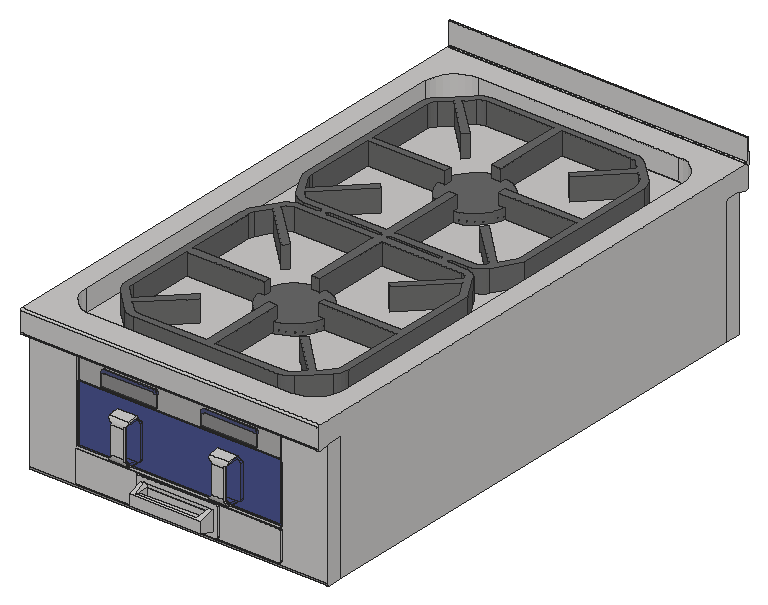
Revit family "QF_ELECTROLUXPROFESSIONAL_589080_MCGDABEOPI", category Specialty Equipment, Revit 2018
Family settings
  Round Connector Dimension = Use Diameter
  Part Type = Normal
  Work Plane-Based = No
  Always vertical = Yes
  Cut with Voids When Loaded = No
  Shared = No
  Room Calculation Point = No
Parameters
  Weight in Pounds = 90.38
  Watts = 0 W
  URL Cutsheet = ""
  Type Mark [instance] = ""
  Status [instance] = ""
  Specification by User [instance] = ""
  Specification by Manufacturer = ""
  Show Clearance [instance] = yes
  Serial Number = ""
  Seismic Rating = ""
  SMACNA No = ""
  Revision Code [instance] = ""
  Omniclass Number and Title = ""
  NAFEM Spec ID Number = ""
  Model = "589080"
  Mechanical Remarks [instance] = ""
  Mechanical Connection Type [instance] = ""
  Masterspec = ""
  Manufacturer = "ELECTROLUX"
  Item Number [instance] = ""
  Installed By [instance] = ""
  Identify Quantity as Lot [instance] = yes
  HP = "0 HP"
  Gas Size = 1/2"
  Gas RI Height [instance] = 0 mm
  Gas KW = 20
  Gas Input = 68180.0 Btu/h
  Gas Connection Height [instance] = 0 mm
  Furnished By [instance] = ""
  Foodservice Equipment Identifier [instance] = yes
  Direct Waste Size = 0"
  Description = "GAS TOP,2 BURN,ECO,1-S,BSPL,500X900X250H"
  CSI MasterFormat = ""
  CSI Master Format = ""
  Back Panel [instance] = yes
Reference planes
  plane 1 "BACK": y = 0
  plane 2: z = 0
  plane 3 "LEFT": x = 0
  plane 4 "RIGHT": x = 500
  plane 5 "FRONT": y = -900
  plane 6 "TOP": z = 250
  plane 7: x = 250
  plane 8: y = -450
  plane 9: z = 370
  plane 10: x = 465
  plane 11: y = -60.425
  plane 12: y = -1330
Forms (mm)
  Extrusion 1, solid, material "QF_Finishes_Stainless Steel"
    sketch origin (0, -487.128, 0) x (0, 1, 0) y (0, 0, 1)
      loop
        line (483.128, 250) -> (-408.872, 250)
        arc (-408.872, 250) -> (-411.7, 248.828) -> (-412.872, 246) r 4
        line (-412.872, 246) -> (-412.872, 214)
        arc (-412.872, 214) -> (-411.437, 210.931) -> (-408.161, 210.064) r 4
        line (-408.161, 210.064) -> (-392.872, 213) -> (-367.872, 213) -> (-367.872, 0) -> (441.714, 0) -> (441.714, 213) -> (465.765, 213) -> (482.433, 210.061)
        arc (482.433, 210.061) -> (485.699, 210.936) -> (487.128, 214) r 4
        line (487.128, 214) -> (487.128, 246)
        arc (487.128, 246) -> (485.956, 248.828) -> (483.128, 250) r 4
    from 0 to 500
  Extrusion 2, solid, material "QF_Finishes_Stainless Steel", visible <- "Back Panel"
    sketch origin (0, 0.586, 0) x (0, 1, 0) y (0, 0, 1)
      loop
        line (-46, 0) -> (-21, 0) -> (-21, 212.833) -> (-21.949, 213) -> (-46, 213) -> (-46, 0)
    from 0 to 500
  Extrusion 3, void
    sketch origin (653.786, 44.048, 250) x (1, 0, 0) y (0, -1, 0)
      loop
        line (-570.234, 89.462) -> (-235.321, 89.462)
        arc (-235.321, 89.462) -> (-200.694, 103.805) -> (-186.351, 138.432) r 48.97
        line (-186.351, 138.432) -> (-186.351, 850.078)
        arc (-186.351, 850.078) -> (-200.694, 884.705) -> (-235.321, 899.048) r 48.97
        line (-235.321, 899.048) -> (-570.234, 899.048)
        arc (-570.234, 899.048) -> (-605.59, 884.403) -> (-620.234, 849.048) r 50
        line (-620.234, 849.048) -> (-620.234, 139.462)
        arc (-620.234, 139.462) -> (-605.59, 104.107) -> (-570.234, 89.462) r 50
    from 0 to 37
  Extrusion 4, solid, material "QF_Finishes_Stainless Steel"
    sketch origin (10, -759, 0) x (1, 0, 0) y (0, -1, 0)
      loop
        circle (455, -169) r 6.35
    from 0 to 3.2
  Extrusion 5, solid, material "QF_Door-Drawer Clearances", visible <- "Show Clearance", detail levels coarse
    sketch origin (-178.969, -4572, 0) x (-1, 0, 0) y (0, -1, 0)
      loop
        line (-257.364, -3689.407) -> (-257.364, -3242) -> (-601.364, -3242) -> (-601.364, -3689.407) -> (-257.364, -3689.407)
    from 8.012 to 59.392
  Extrusion 6, solid, material "QF_Finishes_Stainless Steel"
    sketch origin (0, -950.048, 0) x (0, -1, 0) y (0, 0, -1)
      loop
        arc (-948.097, -252.006) -> (-947.511, -250.592) -> (-946.097, -250.006) r 2
        arc (-946.097, -250.006) -> (-948.877, -248.828) -> (-950.048, -246) r 4
        line (-950.048, -246) -> (-950.048, -288.006) -> (-948.097, -288.006) -> (-948.097, -252.006)
    from 0 to 500
Cuts and joins
  Extrusion 3 cuts Extrusion 1
Lines and regions (mm)
  symbolic lines
    curve 1: line (0, 0, 0) -> (500, 0, 0)
    curve 2: line (0, -900, 0) -> (0, 0, 0)
    curve 3: line (500, -900, 0) -> (0, -900, 0)
    curve 4: line (500, 0, 0) -> (500, -900, 0)
    curve 5: arc (83.552, -855, 0) -> (48.197, -840.355, 0) -> (33.552, -805, 0) r 50
    curve 6: line (33.552, -805, 0) -> (33.552, -95.414, 0)
    curve 7: arc (33.552, -95.414, 0) -> (48.197, -60.059, 0) -> (83.552, -45.414, 0) r 50
    curve 8: line (83.552, -45.414, 0) -> (418.465, -45.414, 0)
    curve 9: arc (418.465, -45.414, 0) -> (453.092, -59.757, 0) -> (467.435, -94.384, 0) r 48.97
    curve 10: line (467.435, -94.384, 0) -> (467.435, -806.03, 0)
    curve 11: arc (467.435, -806.03, 0) -> (453.092, -840.657, 0) -> (418.465, -855, 0) r 48.97
    curve 12: line (418.465, -855, 0) -> (83.552, -855, 0)
  symbolic lines, style "QF_Door-Drawer Clearances"
    curve 13: line (78.395, -900, 0) -> (78.395, -1330, 0)
    curve 14: line (78.395, -1330, 0) -> (422.395, -1330, 0)
    curve 15: line (422.395, -1330, 0) -> (422.395, -900, 0)
Dimensions and locks
  plane 3 "LEFT" to plane 4 "RIGHT" = 500 mm
  plane 5 "FRONT" to plane 1 "BACK" = 900 mm
  equal spacing: plane 3 "LEFT", plane 7, plane 4 "RIGHT"
  equal spacing: plane 5 "FRONT", plane 8, plane 1 "BACK"
  plane 6 "TOP" to level = 250 mm  (x2)
  plane 1 "BACK" to plane 5 "FRONT" = 900 mm
  Extrusion 4 sketch curve to plane 1 "BACK" = 590 mm
  Extrusion 4 sketch curve to plane 4 "RIGHT" = 35 mm
  plane 1 "BACK" to Extrusion 4 = 590 mm
  plane 10 to plane 4 "RIGHT" = 35 mm
  plane 5 "FRONT" to plane 12 = 430 mm
  aligned and locked: level to plane 2
  aligned and locked: plane 7 to nested 1
  aligned and locked: Extrusion 1 to plane 4 "RIGHT"
Automatic sketch dimensions
  Extrusion 1 sketch curve to plane 5 "FRONT" = 0 mm
  Extrusion 1 sketch curve to plane 6 "TOP" = 0 mm
  Extrusion 1 sketch curve to level = 0 mm
  Extrusion 1 sketch curve to plane 1 "BACK" = 0 mm
  Extrusion 1 sketch curve to plane 6 "TOP" = 37 mm  (x2)
  Extrusion 1 sketch curve to plane 5 "FRONT" = 4 mm
  Extrusion 1 sketch curve to plane 5 "FRONT" = 20 mm
  Extrusion 1 sketch curve to plane 5 "FRONT" = 45 mm
  plane 1 "BACK" to Extrusion 1 sketch curve = 21.363 mm
  plane 1 "BACK" to Extrusion 1 sketch curve = 4 mm  (x2)
  Extrusion 1 sketch curve to Extrusion 1 sketch curve = 4 mm
  Extrusion 1 sketch curve to Extrusion 1 sketch curve = 0.711 mm
  plane 1 "BACK" to Extrusion 1 sketch curve = 4.695 mm
  Extrusion 1 sketch curve to Extrusion 1 sketch curve = 0 mm  (x2)
  Extrusion 1 sketch curve to Extrusion 1 sketch curve = 1 mm  (x2)
  plane 1 "BACK" to Extrusion 1 sketch curve = 45.414 mm
  plane 1 "BACK" to curve 1 = 0 mm
  curve 1 to plane 4 "RIGHT" = 0 mm
  curve 2 to plane 3 "LEFT" = 0 mm
  plane 5 "FRONT" to curve 2 = 0 mm
  Extrusion 3 sketch curve to Extrusion 3 sketch curve = 50 mm  (x2)
  Extrusion 1 to Extrusion 3 sketch curve = 81.535 mm  (x2)
  Extrusion 1 to Extrusion 3 sketch curve = 41 mm
  Extrusion 1 to Extrusion 3 sketch curve = 32.565 mm
  Extrusion 1 to Extrusion 3 sketch curve = 33.552 mm
  Extrusion 1 to Extrusion 3 sketch curve = 91.414 mm
  Extrusion 2 sketch curve to level = 0 mm
  plane 11 to Extrusion 2 sketch curve = 15.012 mm
  Extrusion 2 sketch curve to plane 6 "TOP" = 37.167 mm
  Extrusion 2 sketch curve to Extrusion 2 sketch curve = 0.949 mm
  plane 1 "BACK" to Extrusion 2 sketch curve = 20.414 mm
  Extrusion 2 sketch curve to plane 6 "TOP" = 37 mm
  curve 10 to plane 10 = 2.435 mm
  plane 11 to curve 8 = 15.012 mm
  plane 10 to curve 8 = 46.535 mm
  plane 3 "LEFT" to curve 8 = 83.552 mm
  plane 3 "LEFT" to curve 6 = 33.552 mm
  curve 6 to plane 5 "FRONT" = 95 mm
  plane 10 to curve 12 = 46.535 mm
  curve 10 to plane 5 "FRONT" = 93.97 mm
  Extrusion 5 sketch curve to plane 5 "FRONT" = 17.407 mm
  plane 7 to Extrusion 5 sketch curve = 172.395 mm
  plane 3 "LEFT" to Extrusion 5 sketch curve = 78.395 mm
  plane 5 "FRONT" to Extrusion 5 sketch curve = 430 mm
  curve 13 to plane 12 = 0 mm
  plane 3 "LEFT" to curve 13 = 78.395 mm
  plane 10 to curve 14 = 42.605 mm
  curve 13 to plane 5 "FRONT" = 0 mm
  curve 15 to plane 5 "FRONT" = 0 mm
  Extrusion 6 sketch curve to plane 1 "BACK" = 0 mm  (x2)
  Extrusion 6 sketch curve to plane 6 "TOP" = 2.006 mm
  Extrusion 6 sketch curve to plane 6 "TOP" = 0 mm
  Extrusion 6 sketch curve to Extrusion 6 sketch curve = 1.951 mm
  Extrusion 6 sketch curve to Extrusion 6 sketch curve = 2 mm
  Extrusion 6 sketch curve to Extrusion 6 sketch curve = 0.049 mm
  Extrusion 6 sketch curve to Extrusion 6 sketch curve = 36 mm
  Extrusion 6 sketch curve to Extrusion 6 sketch curve = 0 mm
  radius of Extrusion 4 sketch curve = 6.35 mm
Nested families
  nested 1: "EG_900_500_Double Range Control Handle Front Panel" at (202.376, -855, -650), type "EG_900_500_Double Range Control Handle Front Panel"
  nested 2: "OBT_900_Open Burner" at (250, -450.207, -649.319), type "OBT_900_Open Burner"
Connectors
  piping at (465, -590, -3.2), diameter 12.8
    settings: on Extrusion 4, index 1, connector inside diameter 0.50394", connector length 0 mm, flow factor 0, pipe flow 0 GPM, pressure drop 0.00 psi, fitting loss kfactor 0, connector angle 0.00°, fixture units 0, engagement length 0 mm, angle of deflection 0.00°, flow configuration 1, flow direction 1, fitting loss method 0, system type 7, joint type 0, gender type 0, connector reference index -1, connector utility 0, adjustable connector no, is connector primary yes, connector description "GAS CONNECTION"
Definition of nested family "EG_900_500_Double Range Control Handle Front Panel"
  Reference planes
    plane 1 "Center (Front/Back)": y = 0
    plane 2: z = 0
    plane 3 "Center (Left/Right)": x = 47.624
    plane 4: x = -202.376
    plane 5: x = 297.624
    plane 6: y = -45
  Forms (mm)
    Extrusion 1, solid
      sketch origin (833.217, 829.203, -1.25) x (0, 1, 0) y (0, 0, 1)
        loop
          arc (-854.203, 654.25) -> (-853.324, 652.129) -> (-851.203, 651.25) r 3
          line (-851.203, 651.25) -> (-829.203, 651.25) -> (-829.203, 864.25) -> (-854.203, 864.25) -> (-854.203, 654.25)
      from -1035.593 to -535.593
    Extrusion 2, void
      sketch origin (33.217, 829.203, -1.25) x (1, 0, 0) y (0, 0, 1)
        loop
          line (-157.593, 855.116) -> (-157.593, 713.116) -> (186.407, 713.116) -> (186.407, 855.116) -> (-157.593, 855.116)
      from 848.59 to 854.203
  Cuts and joins
    Extrusion 2 cuts Extrusion 1
  Dimensions and locks
    equal spacing: plane 5, plane 3 "Center (Left/Right)", plane 4
    plane 5 to plane 4 = 500 mm
    equal spacing: nested 3, nested 2, nested 1
    aligned and locked: cut or joined group of Extrusion 1, Extrusion 2 to plane 4
    aligned and locked: plane 5 to cut or joined group of Extrusion 1, Extrusion 2
    aligned and locked: plane 3 "Center (Left/Right)" to nested 2
    aligned and locked: cut or joined group of Extrusion 1, Extrusion 2 to nested 2
  Automatic sketch dimensions
    Extrusion 1 sketch curve to plane 1 "Center (Front/Back)" = 0 mm
    plane 1 "Center (Front/Back)" to Extrusion 1 sketch curve = 22 mm
    Extrusion 1 sketch curve to Extrusion 1 sketch curve = 3 mm
    level to Extrusion 1 sketch curve = 650 mm
    Extrusion 1 sketch curve to Extrusion 1 sketch curve = 210 mm
    plane 4 to Extrusion 2 sketch curve = 78 mm
    Extrusion 2 sketch curve to plane 5 = 78 mm
    level to Extrusion 2 sketch curve = 711.866 mm
    Extrusion 2 sketch curve to Extrusion 2 sketch curve = 142 mm
  Nested families
    nested 1: "Range Control Handle" at (-36.126, -28.137, -209.113) x (-1, 0, 0) z (0, 0, 1), type "Range Control Handle"
    nested 2: "glass conrol panel" at (47.624, 280.644, 2.752), type "glass conrol panel"
    nested 3: "Range Control Handle" at (131.374, -28.137, -209.113), type "Range Control Handle"
    nested 4: "grease trap door" at (-19.975, -25, 0), type "grease trap door"
  Definition of nested family "Range Control Handle"
    Reference planes
      plane 1 "Center (Front/Back)": y = 0
      plane 2: z = 0
      plane 3 "Center (Left/Right)": x = 0
      plane 4: z = 971.092
      plane 5: y = -16.9
    Forms (mm)
      Extrusion 1, solid
        sketch origin (-746.28, 380.497, 208.931) x (-1, 0, 0) y (0, 0, 1)
          loop
            line (-770.101, 786.798) -> (-770.101, 731.649)
            arc (-770.101, 731.649) -> (-769.759, 730.563) -> (-768.855, 729.87) r 1.893
            line (-768.855, 729.87) -> (-763.474, 727.911) -> (-729.81, 727.911) -> (-724.428, 729.87)
            arc (-724.428, 729.87) -> (-723.525, 730.563) -> (-723.183, 731.649) r 1.893
            line (-723.183, 731.649) -> (-723.183, 786.798)
            arc (-723.183, 786.798) -> (-723.529, 787.894) -> (-724.44, 788.593) r 1.91
            line (-724.44, 788.593) -> (-729.683, 790.819) -> (-763.601, 790.819) -> (-768.844, 788.593)
            arc (-768.844, 788.593) -> (-769.755, 787.894) -> (-770.101, 786.798) r 1.91
        from -382.35 to -378.852
      Sweep 2, solid
        path origin (-746.788, 380.496, 208.091) x (0, -1, 0) y (0, 0, 1)
          loop
            line (379.775, 793.281) -> (395.661, 791.048)
            arc (395.661, 791.048) -> (397.781, 787.377) -> (398.517, 783.202) r 12.207
            line (398.517, 783.202) -> (398.517, 737.368)
            arc (398.517, 737.368) -> (397.781, 733.193) -> (395.661, 729.522) r 12.207
            line (395.661, 729.522) -> (379.775, 727.289)
        profile origin (-746.788, -7.222, 1000.256) x (0, -0.139173, 0.990268) y (-1, 0, 0)
          loop
            line (0.782, -763.123) -> (0.782, -730.907) -> (-1.322, -730.907) -> (-1.322, -763.123) -> (0.782, -763.123)
      Sweep 3, solid
        path origin (-746.788, 380.715, 207.832) x (0, -1, 0) y (0, 0, 1)
          loop
            line (380.478, 795.442) -> (397.218, 793.09)
            arc (397.218, 793.09) -> (399.929, 788.473) -> (400.871, 783.202) r 15.207
            line (400.871, 783.202) -> (400.871, 737.584)
            arc (400.871, 737.584) -> (399.914, 732.274) -> (397.164, 727.633) r 15.207
            line (397.164, 727.633) -> (380.601, 725.305)
        profile origin (-746.788, -8.132, 1002.099) x (0, -0.139173, 0.990268) y (-1, 0, 0)
          loop
            line (0.782, -763.123) -> (0.782, -730.907) -> (-1.322, -730.907) -> (-1.322, -763.123) -> (0.782, -763.123)
      Extrusion 4, void
        sketch origin (889.253, 220.666, 207.993) x (1, 0, 0) y (0, 0, 1)
          loop
            line (-943.038, 816.854) -> (-943.038, 703.686) -> (-899.466, 734.196) -> (-899.466, 786.344) -> (-943.038, 816.854)
        from 230.636 to 242.25
      Extrusion 5, void
        sketch origin (-888.8, 220.666, 207.993) x (-1, 0, 0) y (0, 0, -1)
          loop
            line (-943.038, -816.854) -> (-899.466, -786.344) -> (-899.466, -734.196) -> (-943.038, -703.686) -> (-943.038, -816.854)
        from 230.636 to 242.25
      Extrusion 6, solid
        sketch origin (0, 0, 0) x (1, 0, 0) y (0, 0, 1)
          loop
            circle (0, 971.092) r 7.736
        from -3.137 to -1.645
    Cuts and joins
      Extrusion 4, Extrusion 5 cuts Sweep 3
      Extrusion 4, Extrusion 5 cuts Sweep 2
      joined: Extrusion 1, Extrusion 6
    Lines and regions (mm)
      symbolic lines
        curve 1: line (16.334, -16.9, 0) -> (16.334, -19.227, 0)
        curve 2: spline (16.334, -19.227, 0) -> (15.87, -19.385, 0) -> (15.404, -19.536, 0) -> (14.936, -19.678, 0) -> (14.466, -19.813, 0) -> (13.995, -19.94, 0) -> (13.523, -20.059, 0) -> (13.049, -20.171, 0) -> (12.575, -20.274, 0) -> (12.099, -20.37, 0) -> (11.622, -20.458, 0) -> (11.144, -20.537, 0) -> (10.666, -20.609, 0)
        curve 3: line (10.666, -16.9, 0) -> (10.666, -20.938, 0)
        curve 4: line (-10.213, -20.938, 0) -> (10.666, -20.938, 0)
        curve 5: line (-10.213, -20.938, 0) -> (-10.213, -16.9, 0)
        curve 6: spline (-10.213, -20.609, 0) -> (-10.691, -20.537, 0) -> (-11.169, -20.458, 0) -> (-11.646, -20.37, 0) -> (-12.122, -20.274, 0) -> (-12.597, -20.171, 0) -> (-13.07, -20.059, 0) -> (-13.542, -19.94, 0) -> (-14.013, -19.813, 0) -> (-14.483, -19.678, 0) -> (-14.951, -19.536, 0) -> (-15.417, -19.385, 0) -> (-15.881, -19.227, 0)
        curve 7: line (-15.881, -19.227, 0) -> (-15.881, -16.9, 0)
  Definition of nested family "glass conrol panel"
    Reference planes
      plane 1 "Center (Front/Back)": y = 0
      plane 2: z = 0
      plane 3 "Center (Left/Right)": x = 0
    Forms (mm)
      Extrusion 1, solid
        sketch origin (378.286, 0, 0.617) x (1, 0, 0) y (0, 0, 1)
          loop
            line (-550.286, 806.791) -> (-550.286, 708.497) -> (-206.286, 708.497) -> (-206.286, 806.791) -> (-550.286, 806.791)
        from 300.031 to 304.8
      Extrusion 2, solid
        sketch origin (378.286, 0, 0.617) x (1, 0, 0) y (0, 0, 1)
          loop
            line (-550.286, 850.497) -> (-550.286, 806.791) -> (-206.286, 806.791) -> (-206.286, 850.497) -> (-550.286, 850.497)
        from 300.031 to 304.8
      Extrusion 3, void
        sketch origin (378.286, 0, 0.617) x (1, 0, 0) y (0, 0, 1)
          loop
            line (-547.628, 847.565) -> (-547.628, 710.699) -> (-209.196, 710.699) -> (-209.196, 847.565) -> (-547.628, 847.565)
        from 303.697 to 304.8
      Extrusion 4, solid
        sketch origin (-392.059, 1.101, -0.633) x (-1, 0, 0) y (0, 0, -1)
          loop
            line (-261.431, -812.62) -> (-355.186, -812.62) -> (-355.186, -834.177) -> (-350.269, -834.177) -> (-348.469, -835.977) -> (-268.039, -835.977) -> (-266.24, -834.177) -> (-261.431, -834.177) -> (-261.431, -812.62)
        from 304.798 to 306.745
      Extrusion 5, solid
        sketch origin (-392.059, 1.101, -0.633) x (-1, 0, 0) y (0, 0, -1)
          loop
            line (-350.269, -834.177) -> (-355.078, -834.177)
            arc (-355.078, -834.177) -> (-353.942, -838.747) -> (-349.686, -840.763) r 5.5
            line (-349.686, -840.763) -> (-266.98, -840.763)
            arc (-266.98, -840.763) -> (-262.706, -838.752) -> (-261.529, -834.177) r 5.549
            line (-261.529, -834.177) -> (-266.24, -834.177) -> (-268.039, -835.977) -> (-348.469, -835.977) -> (-350.269, -834.177)
        from 304.798 to 306.745
      Extrusion 6, solid
        sketch origin (392.059, 1.101, -0.633) x (1, 0, 0) y (0, 0, 1)
          loop
            line (-261.431, 812.62) -> (-261.431, 834.177) -> (-266.24, 834.177) -> (-268.039, 835.977) -> (-348.469, 835.977) -> (-350.269, 834.177) -> (-355.186, 834.177) -> (-355.186, 812.62) -> (-261.431, 812.62)
        from 304.798 to 306.745
      Extrusion 7, solid
        sketch origin (392.059, 1.101, -0.633) x (1, 0, 0) y (0, 0, 1)
          loop
            line (-350.269, 834.177) -> (-348.469, 835.977) -> (-268.039, 835.977) -> (-266.24, 834.177) -> (-261.529, 834.177)
            arc (-261.529, 834.177) -> (-262.706, 838.752) -> (-266.98, 840.763) r 5.549
            line (-266.98, 840.763) -> (-349.686, 840.763)
            arc (-349.686, 840.763) -> (-353.942, 838.747) -> (-355.078, 834.177) r 5.5
            line (-355.078, 834.177) -> (-350.269, 834.177)
        from 304.798 to 306.745
    Cuts and joins
      Extrusion 3 cuts Extrusion 1
      Extrusion 3 cuts Extrusion 2
    Dimensions and locks
      aligned and locked: Extrusion 1 to Extrusion 2
      aligned and locked: Extrusion 5 sketch curve to Extrusion 4  (x5)
      aligned and locked: Extrusion 5 to Extrusion 4
      aligned and locked: Extrusion 7 sketch curve to Extrusion 6  (x4)
      aligned and locked: Extrusion 6 to Extrusion 7 sketch curve
      aligned and locked: Extrusion 7 to Extrusion 6
  Definition of nested family "grease trap door"
    Reference planes
      plane 1 "Center (Front/Back)": y = 0
      plane 2: z = 0
      plane 3 "Center (Left/Right)": x = 0
      plane 4: y = -20
    Forms (mm)
      Extrusion 1, solid
        sketch origin (1627.55, 854.203, -1.25) x (1, 0, 0) y (0, 0, 1)
          loop
            arc (-1627.55, 661.235) -> (-1626.972, 659.84) -> (-1625.577, 659.262) r 1.973
            line (-1625.577, 659.262) -> (-1494.325, 659.262)
            arc (-1494.325, 659.262) -> (-1492.156, 660.16) -> (-1491.258, 662.329) r 3.067
            line (-1491.258, 662.329) -> (-1491.258, 708.803)
            arc (-1491.258, 708.803) -> (-1492.414, 710.143) -> (-1494.111, 710.642) r 3.133
            line (-1494.111, 710.642) -> (-1625.486, 710.642)
            arc (-1625.486, 710.642) -> (-1626.945, 710.038) -> (-1627.55, 708.579) r 2.063
            line (-1627.55, 708.579) -> (-1627.55, 661.235)
        from 856.795 to 859.203
      Extrusion 2, solid
        sketch origin (445.874, 2476.61, 0) x (0, 1, 0) y (0, 0, 1)
          loop
            line (-2506.377, 675.273) -> (-2481.61, 667.505) -> (-2481.61, 700.995) -> (-2506.377, 693.227) -> (-2506.377, 675.273)
        from -437.68 to -317.68
      Extrusion 3, void
        sketch origin (1627.55, 854.203, -1.25) x (1, 0, 0) y (0, 0, 1)
          loop
            line (-1614.883, 703) -> (-1610.542, 695.433) -> (-1508.17, 695.433) -> (-1503.828, 703) -> (-1614.883, 703)
          loop
            line (-1614.883, 668) -> (-1502.669, 668) -> (-1507.01, 675.567) -> (-1610.542, 675.567) -> (-1614.883, 668)
        from 832.916 to 883.97
      Extrusion 4, void
        sketch origin (447.55, 854.203, -1.25) x (1, 0, 0) y (0, 0, 1)
          loop
            line (-430.542, 695.433) -> (-430.542, 675.567) -> (-328.17, 675.567) -> (-328.17, 695.433) -> (-430.542, 695.433)
        from 859.203 to 874.202
      Extrusion 5, solid
        sketch origin (1627.55, 854.203, -1.25) x (1, 0, 0) y (0, 0, 1)
          loop
            arc (-1731.556, 661.235) -> (-1730.978, 659.84) -> (-1729.583, 659.262) r 1.973
            line (-1729.583, 659.262) -> (-1390.623, 659.262)
            arc (-1390.623, 659.262) -> (-1388.454, 660.16) -> (-1387.556, 662.329) r 3.067
            line (-1387.556, 662.329) -> (-1387.556, 708.803)
            arc (-1387.556, 708.803) -> (-1388.712, 710.143) -> (-1390.409, 710.642) r 3.133
            line (-1390.409, 710.642) -> (-1729.493, 710.642)
            arc (-1729.493, 710.642) -> (-1730.952, 710.038) -> (-1731.556, 708.579) r 2.063
            line (-1731.556, 708.579) -> (-1731.556, 661.235)
        from 854.203 to 856.795
    Cuts and joins
      Extrusion 3 cuts Extrusion 1
      Extrusion 3, Extrusion 4 cuts Extrusion 2
      joined: Extrusion 1, Extrusion 2
    Lines and regions (mm)
      model lines
        curve 1: line (67.599, 0, 658.012) -> (67.599, 0, 709.392)
      symbolic lines
        curve 2: line (8.194, -20, 0) -> (8.194, -29.767, 0)
        curve 3: line (8.194, -29.767, 0) -> (128.194, -29.767, 0)
        curve 4: line (128.194, -29.767, 0) -> (128.194, -20, 0)
    Dimensions and locks
      aligned and locked: Extrusion 2 to Extrusion 1
      aligned and locked: Extrusion 3 to Extrusion 2
      aligned and locked: Extrusion 4 to Extrusion 1
Definition of nested family "OBT_900_Open Burner"
  Reference planes
    plane 1 "Center (Front/Back)": y = 0
    plane 2: z = 0
    plane 3 "Center (Left/Right)": x = 0
    plane 4: x = -186.448
    plane 5: x = 187.435
    plane 6: y = 374.793
    plane 7: y = -374.793
    plane 8: y = -188.326
  Forms (mm)
    Extrusion 1, solid
      sketch origin (2130.573, 56.896, -679.622) x (1, 0, 0) y (0, 1, 0)
        loop
          line (-2137.44, 306.49) -> (-2250.793, 306.49)
          arc (-2250.793, 306.49) -> (-2257.908, 305.075) -> (-2263.94, 301.044) r 18.593
          line (-2263.94, 301.044) -> (-2276.233, 288.751) -> (-2213.48, 225.998) -> (-2221.6, 217.877) -> (-2284.354, 280.631) -> (-2300.33, 264.654)
          arc (-2300.33, 264.654) -> (-2304.433, 258.337) -> (-2305.614, 250.897) r 18.125
          line (-2305.614, 250.897) -> (-2305.614, 138.422) -> (-2175.79, 138.422) -> (-2175.79, 126.938) -> (-2305.614, 126.938) -> (-2305.614, 10.897)
          arc (-2305.614, 10.897) -> (-2304.981, 6.085) -> (-2303.123, 1.601) r 18.593
          line (-2303.123, 1.601) -> (-2290.078, -20.994) -> (-2221.6, 47.483) -> (-2213.48, 39.363) -> (-2284.012, -31.169)
          arc (-2284.012, -31.169) -> (-2278.546, -38.527) -> (-2270.23, -42.379) r 18.593
          line (-2270.23, -42.379) -> (-2137.44, -42.379) -> (-2137.44, 87.464) -> (-2123.707, 87.464) -> (-2123.707, -42.379) -> (-1989.813, -42.379)
          arc (-1989.813, -42.379) -> (-1981.496, -38.527) -> (-1976.031, -31.169) r 18.593
          line (-1976.031, -31.169) -> (-2047.115, 39.915) -> (-2038.994, 48.035) -> (-1969.962, -20.997) -> (-1954.428, 5.916) -> (-1954.428, 126.938) -> (-2085.357, 126.938) -> (-2085.357, 138.422) -> (-1954.428, 138.422) -> (-1954.428, 247.888)
          arc (-1954.428, 247.888) -> (-1956.538, 258.496) -> (-1962.547, 267.489) r 27.72
          line (-1962.547, 267.489) -> (-1975.689, 280.631) -> (-2038.994, 217.325) -> (-2047.115, 225.446) -> (-1983.809, 288.751) -> (-1996.102, 301.044)
          arc (-1996.102, 301.044) -> (-2002.134, 305.075) -> (-2009.25, 306.49) r 18.593
          line (-2009.25, 306.49) -> (-2123.707, 306.49) -> (-2123.707, 177.897) -> (-2137.44, 177.897) -> (-2137.44, 306.49)
        loop
          arc (-2317.021, 10.897) -> (-2315.999, 3.132) -> (-2313.002, -4.103) r 30
          line (-2313.002, -4.103) -> (-2292.795, -39.103)
          arc (-2292.795, -39.103) -> (-2281.814, -50.084) -> (-2266.814, -54.103) r 30
          line (-2266.814, -54.103) -> (-2239.287, -54.103)
          arc (-2239.287, -54.103) -> (-2238.243, -56) -> (-2236.272, -56.896) r 3.438
          arc (-2236.272, -56.896) -> (-2238.243, -57.792) -> (-2239.287, -59.689) r 3.438
          line (-2239.287, -59.689) -> (-2266.814, -59.689)
          arc (-2266.814, -59.689) -> (-2281.814, -63.708) -> (-2292.795, -74.689) r 30
          line (-2292.795, -74.689) -> (-2313.002, -109.689)
          arc (-2313.002, -109.689) -> (-2315.999, -116.924) -> (-2317.021, -124.689) r 30
          line (-2317.021, -124.689) -> (-2317.021, -365.461)
          arc (-2317.021, -365.461) -> (-2314.738, -376.941) -> (-2308.234, -386.674) r 30
          line (-2308.234, -386.674) -> (-2271.975, -422.933)
          arc (-2271.975, -422.933) -> (-2262.253, -429.414) -> (-2250.793, -431.689) r 30
          line (-2250.793, -431.689) -> (-2009.25, -431.689)
          arc (-2009.25, -431.689) -> (-1997.786, -429.412) -> (-1988.062, -422.928) r 30
          line (-1988.062, -422.928) -> (-1951.808, -386.674)
          arc (-1951.808, -386.674) -> (-1945.305, -376.941) -> (-1942.982, -365.461) r 30
          line (-1942.982, -365.461) -> (-1942.982, -116.719) -> (-1967.248, -74.689)
          arc (-1967.248, -74.689) -> (-1978.229, -63.708) -> (-1993.229, -59.689) r 30
          line (-1993.229, -59.689) -> (-2020.319, -59.689)
          arc (-2020.319, -59.689) -> (-2021.979, -57.759) -> (-2024.375, -56.896) r 5
          arc (-2024.375, -56.896) -> (-2021.979, -56.033) -> (-2020.319, -54.103) r 5
          line (-2020.319, -54.103) -> (-1993.229, -54.103)
          arc (-1993.229, -54.103) -> (-1978.229, -50.084) -> (-1967.248, -39.103) r 30
          line (-1967.248, -39.103) -> (-1943.138, 2.656) -> (-1943.138, 254.314)
          arc (-1943.138, 254.314) -> (-1945.839, 264.361) -> (-1951.808, 272.882) r 30
          line (-1951.808, 272.882) -> (-1988.062, 309.136)
          arc (-1988.062, 309.136) -> (-1997.786, 315.62) -> (-2009.25, 317.897) r 30
          line (-2009.25, 317.897) -> (-2250.793, 317.897)
          arc (-2250.793, 317.897) -> (-2262.253, 315.622) -> (-2271.975, 309.141) r 30
          line (-2271.975, 309.141) -> (-2308.234, 272.882)
          arc (-2308.234, 272.882) -> (-2314.738, 263.149) -> (-2317.021, 251.669) r 30
          line (-2317.021, 251.669) -> (-2317.021, 10.897)
        loop
          arc (-2122.397, -54.103) -> (-2124.057, -56.033) -> (-2126.452, -56.896) r 5
          arc (-2126.452, -56.896) -> (-2124.057, -57.759) -> (-2122.397, -59.689) r 5
          line (-2122.397, -59.689) -> (-2035.829, -59.689)
          arc (-2035.829, -59.689) -> (-2034.784, -57.792) -> (-2032.813, -56.896) r 3.438
          arc (-2032.813, -56.896) -> (-2034.784, -56) -> (-2035.829, -54.103) r 3.438
          line (-2035.829, -54.103) -> (-2122.397, -54.103)
        loop
          arc (-2223.778, -54.103) -> (-2225.438, -56.033) -> (-2227.833, -56.896) r 5
          arc (-2227.833, -56.896) -> (-2225.438, -57.759) -> (-2223.778, -59.689) r 5
          line (-2223.778, -59.689) -> (-2137.906, -59.689)
          arc (-2137.906, -59.689) -> (-2136.862, -57.792) -> (-2134.891, -56.896) r 3.438
          arc (-2134.891, -56.896) -> (-2136.862, -56) -> (-2137.906, -54.103) r 3.438
          line (-2137.906, -54.103) -> (-2223.778, -54.103)
        loop
          line (-2137.44, -420.282) -> (-2137.44, -290.439) -> (-2123.707, -290.439) -> (-2123.707, -420.282) -> (-2009.25, -420.282)
          arc (-2009.25, -420.282) -> (-2002.134, -418.867) -> (-1996.102, -414.836) r 18.593
          line (-1996.102, -414.836) -> (-1983.184, -401.918) -> (-2047.115, -337.988) -> (-2038.994, -329.867) -> (-1975.064, -393.798) -> (-1962.547, -381.281)
          arc (-1962.547, -381.281) -> (-1956.538, -372.288) -> (-1954.428, -361.68) r 27.72
          line (-1954.428, -361.68) -> (-1954.428, -250.964) -> (-2085.357, -250.964) -> (-2085.357, -239.48) -> (-1954.428, -239.48) -> (-1954.428, -119.708) -> (-1970.42, -92.003) -> (-2038.994, -160.577) -> (-2047.115, -152.457) -> (-1976.413, -81.755)
          arc (-1976.413, -81.755) -> (-1981.868, -74.971) -> (-1989.813, -71.413) r 18.593
          line (-1989.813, -71.413) -> (-2123.707, -71.413) -> (-2123.707, -200.006) -> (-2137.44, -200.006) -> (-2137.44, -71.413) -> (-2270.23, -71.413)
          arc (-2270.23, -71.413) -> (-2278.175, -74.971) -> (-2283.629, -81.755) r 18.593
          line (-2283.629, -81.755) -> (-2213.48, -151.905) -> (-2221.6, -160.025) -> (-2289.62, -92.005) -> (-2303.123, -115.393)
          arc (-2303.123, -115.393) -> (-2304.981, -119.877) -> (-2305.614, -124.689) r 18.593
          line (-2305.614, -124.689) -> (-2305.614, -239.48) -> (-2175.79, -239.48) -> (-2175.79, -250.964) -> (-2305.614, -250.964) -> (-2305.614, -364.689)
          arc (-2305.614, -364.689) -> (-2304.433, -372.129) -> (-2300.33, -378.446) r 18.125
          line (-2300.33, -378.446) -> (-2284.979, -393.798) -> (-2221.6, -330.419) -> (-2213.48, -338.54) -> (-2276.858, -401.918) -> (-2263.94, -414.836)
          arc (-2263.94, -414.836) -> (-2257.908, -418.867) -> (-2250.793, -420.282) r 18.593
          line (-2250.793, -420.282) -> (-2137.44, -420.282)
      from 1542.072 to 1578.941
    Extrusion 2, solid
      sketch origin (2130.573, 61.122, 0) x (1, 0, 0) y (0, 1, 0)
        loop
          circle (-2130.573, -249.448) r 55
        loop
          circle (-2130.573, 128.455) r 55
      from 862.45 to 879.837
    Extrusion 3, void
      sketch origin (-124.371, -355.785, -22.784) x (-0.587785, -0.809017, 0) y (0, 0, 1)
        loop
          circle (-213.495, 891.283) r 1
      from -67.69 to -35.114
    Extrusion 4, void
      sketch origin (-89.903, -376.417, -22.784) x (-0.422618, -0.906308, 0) y (0, 0, 1)
        loop
          circle (-213.495, 891.283) r 1
      from -74.826 to -35.114
    Extrusion 5, void
      sketch origin (-52.131, -390.093, -22.784) x (-0.241922, -0.970296, 0) y (0, 0, 1)
        loop
          circle (-213.495, 891.283) r 1
      from -67.69 to -35.114
    Extrusion 6, void
      sketch origin (27.702, -394.842, -22.784) x (0.139173, -0.990268, 0) y (0, 0, 1)
        loop
          circle (-213.495, 891.283) r 1
      from -67.69 to -35.114
    Extrusion 7, void
      sketch origin (66.829, -385.74, -22.784) x (0.325568, -0.945519, 0) y (0, 0, 1)
        loop
          circle (-213.495, 891.283) r 1
      from -67.69 to -35.114
    Extrusion 8, void
      sketch origin (103.5, -369.339, -22.784) x (0.5, -0.866025, 0) y (0, 0, 1)
        loop
          circle (-213.495, 891.283) r 1
      from -67.69 to -35.114
    Extrusion 9, void
      sketch origin (136.368, -346.242, -22.784) x (0.656059, -0.75471, 0) y (0, 0, 1)
        loop
          circle (-213.495, 891.283) r 1
      from -67.69 to -35.114
    Extrusion 10, void
      sketch origin (164.225, -317.298, -22.784) x (0.788011, -0.615661, 0) y (0, 0, 1)
        loop
          circle (-213.495, 891.283) r 1
      from -67.69 to -35.114
    Extrusion 11, void
      sketch origin (186.048, -283.571, -22.784) x (0.891007, -0.45399, 0) y (0, 0, 1)
        loop
          circle (-213.495, 891.283) r 1
      from -67.69 to -35.114
    Extrusion 12, void
      sketch origin (201.034, -246.299, -22.784) x (0.961262, -0.275637, 0) y (0, 0, 1)
        loop
          circle (-213.495, 891.283) r 1
      from -67.69 to -35.114
    Extrusion 13, void
      sketch origin (208.566, -166.681, -22.784) x (0.994522, 0.104528, 0) y (0, 0, 1)
        loop
          circle (-213.495, 891.283) r 1
      from -67.69 to -35.114
    Extrusion 14, void
      sketch origin (200.835, -127.26, -22.784) x (0.956305, 0.292372, 0) y (0, 0, 1)
        loop
          circle (-213.495, 891.283) r 1
      from -67.69 to -35.114
    Extrusion 15, void
      sketch origin (185.724, -90.039, -22.784) x (0.882948, 0.469472, 0) y (0, 0, 1)
        loop
          circle (-213.495, 891.283) r 1
      from -67.69 to -35.114
    Extrusion 16, void
      sketch origin (163.788, -56.385, -22.784) x (0.777146, 0.62932, 0) y (0, 0, 1)
        loop
          circle (-213.495, 891.283) r 1
      from -67.69 to -35.114
    Extrusion 17, void
      sketch origin (135.834, -27.534, -22.784) x (0.642788, 0.766044, 0) y (0, 0, 1)
        loop
          circle (-213.495, 891.283) r 1
      from -67.69 to -35.114
    Extrusion 18, void
      sketch origin (102.889, -4.548, -22.784) x (0.48481, 0.87462, 0) y (0, 0, 1)
        loop
          circle (-213.495, 891.283) r 1
      from -67.69 to -35.114
    Extrusion 19, void
      sketch origin (66.163, 11.73, -22.784) x (0.309017, 0.951057, 0) y (0, 0, 1)
        loop
          circle (-213.495, 891.283) r 1
      from -67.69 to -35.114
    Extrusion 20, void
      sketch origin (-52.811, 15.685, -22.784) x (-0.258819, 0.965926, 0) y (0, 0, 1)
        loop
          circle (-213.495, 891.283) r 1
      from -67.69 to -35.114
    Extrusion 21, void
      sketch origin (-90.537, 1.882, -22.784) x (-0.438371, 0.898794, 0) y (0, 0, 1)
        loop
          circle (-213.495, 891.283) r 1
      from -67.69 to -35.114
    Extrusion 22, void
      sketch origin (-124.936, -18.865, -22.784) x (-0.601815, 0.798636, 0) y (0, 0, 1)
        loop
          circle (-213.495, 891.283) r 1
      from -67.69 to -35.114
    Extrusion 23, void
      sketch origin (-154.744, -45.796, -22.784) x (-0.743145, 0.669131, 0) y (0, 0, 1)
        loop
          circle (-213.495, 891.283) r 1
      from -67.69 to -35.114
    Extrusion 24, void
      sketch origin (-178.866, -77.919, -22.784) x (-0.857167, 0.515038, 0) y (0, 0, 1)
        loop
          circle (-213.495, 891.283) r 1
      from -67.69 to -35.114
    Extrusion 25, void
      sketch origin (-196.416, -114.054, -22.784) x (-0.939693, 0.34202, 0) y (0, 0, 1)
        loop
          circle (-213.495, 891.283) r 1
      from -67.69 to -35.114
    Extrusion 26, void
      sketch origin (-204.521, -232.817, -22.784) x (-0.97437, -0.224951, 0) y (0, 0, 1)
        loop
          circle (-213.495, 891.283) r 1
      from -67.69 to -35.114
    Extrusion 27, void
      sketch origin (-192.043, -271.002, -22.784) x (-0.913545, -0.406737, 0) y (0, 0, 1)
        loop
          circle (-213.495, 891.283) r 1
      from -67.69 to -35.114
    Extrusion 28, void
      sketch origin (-172.509, -306.104, -22.784) x (-0.819152, -0.573576, 0) y (0, 0, 1)
        loop
          circle (-213.495, 891.283) r 1
      from -67.69 to -35.114
    Extrusion 29, void
      sketch origin (-146.635, -336.834, -22.784) x (-0.694658, -0.71934, 0) y (0, 0, 1)
        loop
          circle (-213.495, 891.283) r 1
      from -67.69 to -35.114
    Extrusion 30, void
      sketch origin (-124.371, 22.118, -22.784) x (-0.587785, -0.809017, 0) y (0, 0, 1)
        loop
          circle (-213.495, 891.283) r 1
      from -67.69 to -35.114
    Extrusion 31, void
      sketch origin (-89.903, 1.485, -22.784) x (-0.422618, -0.906308, 0) y (0, 0, 1)
        loop
          circle (-213.495, 891.283) r 1
      from -74.826 to -35.114
    Extrusion 32, void
      sketch origin (-52.131, -12.191, -22.784) x (-0.241922, -0.970296, 0) y (0, 0, 1)
        loop
          circle (-213.495, 891.283) r 1
      from -67.69 to -35.114
    Extrusion 33, void
      sketch origin (27.702, -16.939, -22.784) x (0.139173, -0.990268, 0) y (0, 0, 1)
        loop
          circle (-213.495, 891.283) r 1
      from -67.69 to -35.114
    Extrusion 34, void
      sketch origin (66.829, -7.837, -22.784) x (0.325568, -0.945519, 0) y (0, 0, 1)
        loop
          circle (-213.495, 891.283) r 1
      from -67.69 to -35.114
    Extrusion 35, void
      sketch origin (103.5, 8.564, -22.784) x (0.5, -0.866025, 0) y (0, 0, 1)
        loop
          circle (-213.495, 891.283) r 1
      from -67.69 to -35.114
    Extrusion 36, void
      sketch origin (136.368, 31.66, -22.784) x (0.656059, -0.75471, 0) y (0, 0, 1)
        loop
          circle (-213.495, 891.283) r 1
      from -67.69 to -35.114
    Extrusion 37, void
      sketch origin (164.225, 60.604, -22.784) x (0.788011, -0.615661, 0) y (0, 0, 1)
        loop
          circle (-213.495, 891.283) r 1
      from -67.69 to -35.114
    Extrusion 38, void
      sketch origin (186.048, 94.332, -22.784) x (0.891007, -0.45399, 0) y (0, 0, 1)
        loop
          circle (-213.495, 891.283) r 1
      from -67.69 to -35.114
    Extrusion 39, void
      sketch origin (201.034, 131.603, -22.784) x (0.961262, -0.275637, 0) y (0, 0, 1)
        loop
          circle (-213.495, 891.283) r 1
      from -67.69 to -35.114
    Extrusion 40, void
      sketch origin (208.566, 211.222, -22.784) x (0.994522, 0.104528, 0) y (0, 0, 1)
        loop
          circle (-213.495, 891.283) r 1
      from -67.69 to -35.114
    Extrusion 41, void
      sketch origin (200.835, 250.642, -22.784) x (0.956305, 0.292372, 0) y (0, 0, 1)
        loop
          circle (-213.495, 891.283) r 1
      from -67.69 to -35.114
    Extrusion 42, void
      sketch origin (185.724, 287.864, -22.784) x (0.882948, 0.469472, 0) y (0, 0, 1)
        loop
          circle (-213.495, 891.283) r 1
      from -67.69 to -35.114
    Extrusion 43, void
      sketch origin (163.788, 321.518, -22.784) x (0.777146, 0.62932, 0) y (0, 0, 1)
        loop
          circle (-213.495, 891.283) r 1
      from -67.69 to -35.114
    Extrusion 44, void
      sketch origin (135.834, 350.368, -22.784) x (0.642788, 0.766044, 0) y (0, 0, 1)
        loop
          circle (-213.495, 891.283) r 1
      from -67.69 to -35.114
    Extrusion 45, void
      sketch origin (102.889, 373.355, -22.784) x (0.48481, 0.87462, 0) y (0, 0, 1)
        loop
          circle (-213.495, 891.283) r 1
      from -67.69 to -35.114
    Extrusion 46, void
      sketch origin (66.163, 389.633, -22.784) x (0.309017, 0.951057, 0) y (0, 0, 1)
        loop
          circle (-213.495, 891.283) r 1
      from -67.69 to -35.114
    Extrusion 47, void
      sketch origin (-52.811, 393.588, -22.784) x (-0.258819, 0.965926, 0) y (0, 0, 1)
        loop
          circle (-213.495, 891.283) r 1
      from -67.69 to -35.114
    Extrusion 48, void
      sketch origin (-90.537, 379.785, -22.784) x (-0.438371, 0.898794, 0) y (0, 0, 1)
        loop
          circle (-213.495, 891.283) r 1
      from -67.69 to -35.114
    Extrusion 49, void
      sketch origin (-124.936, 359.037, -22.784) x (-0.601815, 0.798636, 0) y (0, 0, 1)
        loop
          circle (-213.495, 891.283) r 1
      from -67.69 to -35.114
    Extrusion 50, void
      sketch origin (-154.744, 332.107, -22.784) x (-0.743145, 0.669131, 0) y (0, 0, 1)
        loop
          circle (-213.495, 891.283) r 1
      from -67.69 to -35.114
    Extrusion 51, void
      sketch origin (-178.866, 299.984, -22.784) x (-0.857167, 0.515038, 0) y (0, 0, 1)
        loop
          circle (-213.495, 891.283) r 1
      from -67.69 to -35.114
    Extrusion 52, void
      sketch origin (-196.416, 263.848, -22.784) x (-0.939693, 0.34202, 0) y (0, 0, 1)
        loop
          circle (-213.495, 891.283) r 1
      from -67.69 to -35.114
    Extrusion 53, void
      sketch origin (-204.521, 145.086, -22.784) x (-0.97437, -0.224951, 0) y (0, 0, 1)
        loop
          circle (-213.495, 891.283) r 1
      from -67.69 to -35.114
    Extrusion 54, void
      sketch origin (-192.043, 106.901, -22.784) x (-0.913545, -0.406737, 0) y (0, 0, 1)
        loop
          circle (-213.495, 891.283) r 1
      from -67.69 to -35.114
    Extrusion 55, void
      sketch origin (-172.509, 71.798, -22.784) x (-0.819152, -0.573576, 0) y (0, 0, 1)
        loop
          circle (-213.495, 891.283) r 1
      from -67.69 to -35.114
    Extrusion 56, void
      sketch origin (-146.635, 41.068, -22.784) x (-0.694658, -0.71934, 0) y (0, 0, 1)
        loop
          circle (-213.495, 891.283) r 1
      from -67.69 to -35.114
  Cuts and joins
    Extrusion 3, Extrusion 4, Extrusion 5, Extrusion 6, Extrusion 7, Extrusion 8, Extrusion 9, Extrusion 10, Extrusion 11, Extrusion 12, Extrusion 13, Extrusion 14, Extrusion 15, Extrusion 16, Extrusion 17, Extrusion 18, Extrusion 19, Extrusion 20, Extrusion 21, Extrusion 22, Extrusion 23, Extrusion 24, Extrusion 25, Extrusion 26, Extrusion 27, Extrusion 28, Extrusion 29, Extrusion 30, Extrusion 31, Extrusion 32, Extrusion 33, Extrusion 34, Extrusion 35, Extrusion 36, Extrusion 37, Extrusion 38, Extrusion 39, Extrusion 40, Extrusion 41, Extrusion 42, Extrusion 43, Extrusion 44, Extrusion 45, Extrusion 46, Extrusion 47, Extrusion 48, Extrusion 49, Extrusion 50, Extrusion 51, Extrusion 52, Extrusion 53, Extrusion 54, Extrusion 55, Extrusion 56 cuts Extrusion 2
    Extrusion 32 cuts Extrusion 1
  Lines and regions (mm)
    symbolic lines
      curve 1: arc (54.699, -182.584, 0) -> (39.289, -149.838, 0) -> (6.867, -133.757, 0) r 55
      curve 2: arc (-54.699, -194.068, 0) -> (-39.289, -226.815, 0) -> (-6.867, -242.896, 0) r 55
      curve 3: line (45.217, -194.068, 0) -> (176.145, -194.068, 0)
      curve 4: line (176.145, -194.068, 0) -> (176.145, -304.784, 0)
      curve 5: arc (176.145, -304.784, 0) -> (174.035, -315.392, 0) -> (168.026, -324.385, 0) r 27.72
      curve 6: line (168.026, -324.385, 0) -> (155.51, -336.902, 0)
      curve 7: line (155.51, -336.902, 0) -> (91.579, -272.971, 0)
      curve 8: line (83.459, -281.092, 0) -> (147.389, -345.022, 0)
      curve 9: line (147.389, -345.022, 0) -> (134.471, -357.94, 0)
      curve 10: arc (134.471, -357.94, 0) -> (128.439, -361.971, 0) -> (121.324, -363.386, 0) r 18.593
      curve 11: line (121.324, -363.386, 0) -> (6.867, -363.386, 0)
      curve 12: line (6.867, -363.386, 0) -> (6.867, -233.543, 0)
      curve 13: line (-6.867, -233.543, 0) -> (-6.867, -363.386, 0)
      curve 14: line (-6.867, -363.386, 0) -> (-120.219, -363.386, 0)
      curve 15: arc (-120.219, -363.386, 0) -> (-127.335, -361.971, 0) -> (-133.367, -357.94, 0) r 18.593
      curve 16: line (-133.367, -357.94, 0) -> (-146.285, -345.022, 0)
      curve 17: line (-146.285, -345.022, 0) -> (-82.906, -281.644, 0)
      curve 18: line (-91.027, -273.523, 0) -> (-154.405, -336.902, 0)
      curve 19: line (-154.405, -336.902, 0) -> (-169.757, -321.55, 0)
      curve 20: arc (-169.757, -321.55, 0) -> (-173.86, -315.233, 0) -> (-175.041, -307.793, 0) r 18.125
      curve 21: line (-175.041, -307.793, 0) -> (-175.041, -194.068, 0)
      curve 22: line (-175.041, -194.068, 0) -> (-45.217, -194.068, 0)
      curve 23: line (-45.217, -182.584, 0) -> (-175.041, -182.584, 0)
      curve 24: line (-175.041, -182.584, 0) -> (-175.041, -67.793, 0)
      curve 25: arc (-175.041, -67.793, 0) -> (-174.407, -62.981, 0) -> (-172.55, -58.497, 0) r 18.593
      curve 26: line (-172.55, -58.497, 0) -> (-159.047, -35.109, 0)
      curve 27: line (-159.047, -35.109, 0) -> (-91.027, -103.129, 0)
      curve 28: line (-82.906, -95.009, 0) -> (-153.056, -24.859, 0)
      curve 29: arc (-153.056, -24.859, 0) -> (-147.601, -18.075, 0) -> (-139.656, -14.517, 0) r 18.593
      curve 30: line (-139.656, -14.517, 0) -> (-6.867, -14.517, 0)
      curve 31: line (-6.867, -14.517, 0) -> (-6.867, -143.11, 0)
      curve 32: line (6.867, -143.11, 0) -> (6.867, -14.517, 0)
      curve 33: line (6.867, -14.517, 0) -> (140.761, -14.517, 0)
      curve 34: arc (140.761, -14.517, 0) -> (148.706, -18.075, 0) -> (154.16, -24.859, 0) r 18.593
      curve 35: line (154.16, -24.859, 0) -> (83.459, -95.561, 0)
      curve 36: line (91.579, -103.681, 0) -> (160.154, -35.107, 0)
      curve 37: line (160.154, -35.107, 0) -> (176.145, -62.812, 0)
      curve 38: line (176.145, -62.812, 0) -> (176.145, -182.584, 0)
      curve 39: line (176.145, -182.584, 0) -> (45.217, -182.584, 0)
      curve 40: line (187.592, -59.823, 0) -> (163.326, -17.793, 0)
      curve 41: arc (163.326, -17.793, 0) -> (152.345, -6.812, 0) -> (137.345, -2.793, 0) r 30
      curve 42: line (137.345, -2.793, 0) -> (110.254, -2.793, 0)
      curve 43: arc (110.254, -2.793, 0) -> (108.594, -0.863, 0) -> (106.199, 0, 0) r 5
      curve 44: arc (106.199, 0, 0) -> (108.594, 0.863, 0) -> (110.254, 2.793, 0) r 5
      curve 45: line (110.254, 2.793, 0) -> (137.345, 2.793, 0)
      curve 46: arc (137.345, 2.793, 0) -> (152.345, 6.812, 0) -> (163.326, 17.793, 0) r 30
      curve 47: line (163.326, 17.793, 0) -> (187.435, 59.552, 0)
      curve 48: line (187.435, 59.552, 0) -> (187.435, 311.21, 0)
      curve 49: arc (187.435, 311.21, 0) -> (184.735, 321.257, 0) -> (178.765, 329.778, 0) r 30
      curve 50: line (178.765, 329.778, 0) -> (142.511, 366.032, 0)
      curve 51: arc (142.511, 366.032, 0) -> (132.788, 372.516, 0) -> (121.324, 374.793, 0) r 30
      curve 52: line (121.324, 374.793, 0) -> (-120.219, 374.793, 0)
      curve 53: arc (-120.219, 374.793, 0) -> (-131.68, 372.518, 0) -> (-141.401, 366.037, 0) r 30
      curve 54: line (-141.401, 366.037, 0) -> (-177.661, 329.778, 0)
      curve 55: arc (-177.661, 329.778, 0) -> (-184.164, 320.045, 0) -> (-186.448, 308.565, 0) r 30
      curve 56: line (-186.448, 308.565, 0) -> (-186.448, 67.793, 0)
      curve 57: arc (-186.448, 67.793, 0) -> (-185.426, 60.028, 0) -> (-182.429, 52.793, 0) r 30
      curve 58: line (-182.429, 52.793, 0) -> (-162.221, 17.793, 0)
      curve 59: arc (-162.221, 17.793, 0) -> (-151.241, 6.812, 0) -> (-136.241, 2.793, 0) r 30
      curve 60: line (-136.241, 2.793, 0) -> (-108.714, 2.793, 0)
      curve 61: arc (-108.714, 2.793, 0) -> (-107.669, 0.896, 0) -> (-105.698, 0, 0) r 3.438
      curve 62: arc (-105.698, 0, 0) -> (-107.669, -0.896, 0) -> (-108.714, -2.793, 0) r 3.438
      curve 63: line (-108.714, -2.793, 0) -> (-136.241, -2.793, 0)
      curve 64: arc (-136.241, -2.793, 0) -> (-151.241, -6.812, 0) -> (-162.221, -17.793, 0) r 30
      curve 65: line (-162.221, -17.793, 0) -> (-182.429, -52.793, 0)
      curve 66: arc (-182.429, -52.793, 0) -> (-185.426, -60.028, 0) -> (-186.448, -67.793, 0) r 30
      curve 67: line (-186.448, -67.793, 0) -> (-186.448, -308.565, 0)
      curve 68: arc (-186.448, -308.565, 0) -> (-184.164, -320.045, 0) -> (-177.661, -329.778, 0) r 30
      curve 69: line (-177.661, -329.778, 0) -> (-141.401, -366.037, 0)
      curve 70: arc (-141.401, -366.037, 0) -> (-131.68, -372.518, 0) -> (-120.219, -374.793, 0) r 30
      curve 71: line (-120.219, -374.793, 0) -> (121.324, -374.793, 0)
      curve 72: arc (121.324, -374.793, 0) -> (132.788, -372.516, 0) -> (142.511, -366.032, 0) r 30
      curve 73: line (142.511, -366.032, 0) -> (178.765, -329.778, 0)
      curve 74: arc (178.765, -329.778, 0) -> (185.269, -320.045, 0) -> (187.552, -308.565, 0) r 30
      curve 75: line (187.592, -308.565, 0) -> (187.592, -59.823, 0)
      curve 76: line (94.745, -2.793, 0) -> (8.177, -2.793, 0)
      curve 77: arc (8.177, -2.793, 0) -> (6.517, -0.863, 0) -> (4.121, 0, 0) r 5
      curve 78: arc (4.121, 0, 0) -> (6.517, 0.863, 0) -> (8.177, 2.793, 0) r 5
      curve 79: line (8.177, 2.793, 0) -> (94.745, 2.793, 0)
      curve 80: arc (94.745, 2.793, 0) -> (95.789, 0.896, 0) -> (97.76, 0, 0) r 3.438
      curve 81: arc (97.76, 0, 0) -> (95.789, -0.896, 0) -> (94.745, -2.793, 0) r 3.438
      curve 82: line (-7.333, -2.793, 0) -> (-93.204, -2.793, 0)
      curve 83: arc (-93.204, -2.793, 0) -> (-94.864, -0.863, 0) -> (-97.26, 0, 0) r 5
      curve 84: arc (-97.26, 0, 0) -> (-94.864, 0.863, 0) -> (-93.204, 2.793, 0) r 5
      curve 85: line (-93.204, 2.793, 0) -> (-7.333, 2.793, 0)
      curve 86: arc (-7.333, 2.793, 0) -> (-6.288, 0.896, 0) -> (-4.317, 0, 0) r 3.438
      curve 87: arc (-4.317, 0, 0) -> (-6.288, -0.896, 0) -> (-7.333, -2.793, 0) r 3.438
      curve 88: line (-6.867, 14.517, 0) -> (-139.656, 14.517, 0)
      curve 89: arc (-139.656, 14.517, 0) -> (-147.973, 18.369, 0) -> (-153.438, 25.727, 0) r 18.593
      curve 90: line (-153.438, 25.727, 0) -> (-82.906, 96.259, 0)
      curve 91: line (-91.027, 104.379, 0) -> (-159.504, 35.902, 0)
      curve 92: line (-159.504, 35.902, 0) -> (-172.55, 58.497, 0)
      curve 93: arc (-172.55, 58.497, 0) -> (-174.407, 62.981, 0) -> (-175.041, 67.793, 0) r 18.593
      curve 94: line (-175.041, 67.793, 0) -> (-175.041, 183.834, 0)
      curve 95: line (-175.041, 183.834, 0) -> (-45.217, 183.834, 0)
      curve 96: line (-45.217, 195.318, 0) -> (-175.041, 195.318, 0)
      curve 97: line (-175.041, 195.318, 0) -> (-175.041, 307.793, 0)
      curve 98: arc (-175.041, 307.793, 0) -> (-173.86, 315.233, 0) -> (-169.757, 321.55, 0) r 18.125
      curve 99: line (-169.757, 321.55, 0) -> (-153.78, 337.527, 0)
      curve 100: line (-153.78, 337.527, 0) -> (-91.027, 274.773, 0)
      curve 101: line (-91.027, 274.773, 0) -> (-82.906, 282.894, 0)
      curve 102: line (-82.906, 282.894, 0) -> (-145.66, 345.647, 0)
      curve 103: line (-145.66, 345.647, 0) -> (-133.367, 357.94, 0)
      curve 104: arc (-133.367, 357.94, 0) -> (-127.335, 361.971, 0) -> (-120.219, 363.386, 0) r 18.593
      curve 105: line (-120.219, 363.386, 0) -> (-6.867, 363.386, 0)
      curve 106: line (-6.867, 363.386, 0) -> (-6.867, 234.793, 0)
      curve 107: line (-6.867, 234.793, 0) -> (6.867, 234.793, 0)
      curve 108: line (6.867, 234.793, 0) -> (6.867, 363.386, 0)
      curve 109: line (6.867, 363.386, 0) -> (121.324, 363.386, 0)
      curve 110: arc (121.324, 363.386, 0) -> (128.439, 361.971, 0) -> (134.471, 357.94, 0) r 18.593
      curve 111: line (134.471, 357.94, 0) -> (146.764, 345.647, 0)
      curve 112: line (146.764, 345.647, 0) -> (83.459, 282.342, 0)
      curve 113: line (91.579, 274.221, 0) -> (154.885, 337.527, 0)
      curve 114: line (154.885, 337.527, 0) -> (168.026, 324.385, 0)
      curve 115: arc (168.026, 324.385, 0) -> (174.035, 315.392, 0) -> (176.145, 304.784, 0) r 27.72
      curve 116: line (176.145, 304.784, 0) -> (176.145, 195.318, 0)
      curve 117: line (176.145, 195.318, 0) -> (45.217, 195.318, 0)
      curve 118: line (45.217, 183.834, 0) -> (176.145, 183.834, 0)
      curve 119: line (176.145, 183.834, 0) -> (176.145, 62.812, 0)
      curve 120: line (176.145, 62.812, 0) -> (160.611, 35.899, 0)
      curve 121: line (160.611, 35.899, 0) -> (91.579, 104.931, 0)
      curve 122: line (83.459, 96.811, 0) -> (154.543, 25.727, 0)
      curve 123: arc (154.543, 25.727, 0) -> (149.077, 18.369, 0) -> (140.761, 14.517, 0) r 18.593
      curve 124: line (140.761, 14.517, 0) -> (6.867, 14.517, 0)
      curve 125: line (6.867, 14.517, 0) -> (6.867, 144.36, 0)
      curve 126: line (6.867, 144.36, 0) -> (-6.867, 144.36, 0)
      curve 127: line (-6.867, 144.36, 0) -> (-6.867, 14.517, 0)
      curve 128: arc (-54.699, 183.834, 0) -> (-39.289, 151.088, 0) -> (-6.867, 135.007, 0) r 55
      curve 129: arc (54.699, 195.318, 0) -> (39.289, 228.065, 0) -> (6.867, 244.146, 0) r 55
      curve 130: arc (-6.867, 244.146, 0) -> (-39.289, 228.065, 0) -> (-54.699, 195.318, 0) r 55
      curve 131: arc (6.867, 135.007, 0) -> (39.289, 151.088, 0) -> (54.699, 183.834, 0) r 55
      curve 132: arc (-6.867, -133.757, 0) -> (-39.289, -149.838, 0) -> (-54.699, -182.584, 0) r 55
      curve 133: arc (6.867, -242.896, 0) -> (39.289, -226.815, 0) -> (54.699, -194.068, 0) r 55
      curve 134: line (-45.217, 183.834, 0) -> (-45.217, 195.318, 0)
      curve 135: line (45.217, 195.318, 0) -> (45.217, 183.834, 0)
      curve 136: line (91.579, 274.221, 0) -> (83.459, 282.342, 0)
      curve 137: line (-91.027, 104.379, 0) -> (-82.906, 96.259, 0)
      curve 138: line (91.579, 104.931, 0) -> (83.459, 96.811, 0)
      curve 139: line (-91.027, -103.129, 0) -> (-82.906, -95.009, 0)
      curve 140: line (83.459, -95.561, 0) -> (91.579, -103.681, 0)
      curve 141: line (45.217, -182.584, 0) -> (45.217, -194.068, 0)
      curve 142: line (-6.867, -143.11, 0) -> (6.867, -143.11, 0)
      curve 143: line (-45.217, -194.068, 0) -> (-45.217, -182.584, 0)
      curve 144: line (6.867, -233.543, 0) -> (-6.867, -233.543, 0)
      curve 145: line (91.579, -272.971, 0) -> (83.459, -281.092, 0)
      curve 146: line (-82.906, -281.644, 0) -> (-91.027, -273.523, 0)
  Dimensions and locks
    plane 5 to plane 4 = 373.883 mm
    equal spacing: Extrusion 1 sketch curve, plane 3 "Center (Left/Right)", Extrusion 1 sketch curve
